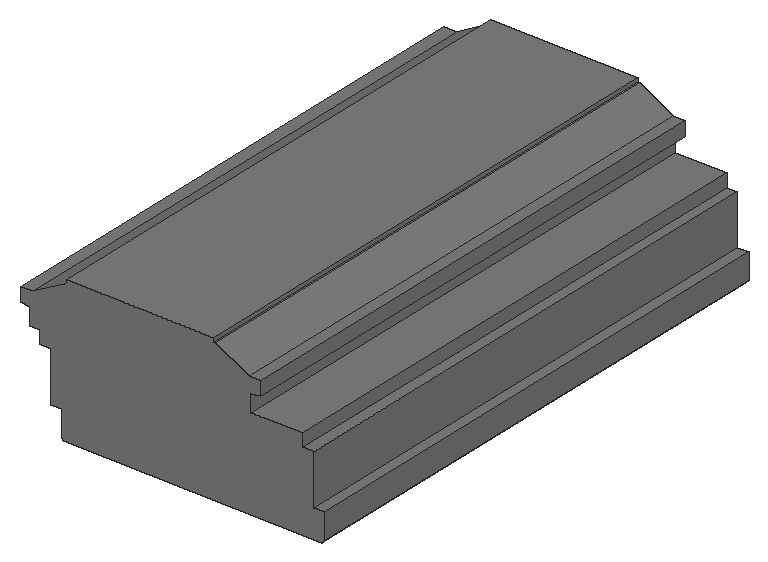
Revit family "HourdiBox PP Néo 150 Up 36 KW-1", category Equipement spécialisé, Revit 2016
Family settings
  Basée sur le plan de construction = Non
  Toujours verticalement = Oui
  Couper avec des vides une fois chargée = Non
  Partagée = Non
  Point de calcul de pièce = Non
Parameters (values of type "HourdiBox PP 150 Up 36")
  Up - SEAC GF 110 - SEAC GF 120 - SEAC GF 930 - SEAC GF 940 = 0.3400 W/(m·K)  # constant formula
  Up - RECTOR NR 130 = 0.3400 W/(m·K)  # constant formula
  Up - RECTOR NR 110 = 0.3300 W/(m·K)  # constant formula
  Up - LB7 - Série 1 = 0.3300 W/(m·K)  # constant formula
  Up - LB 7 - Série 2 = 0.3400 W/(m·K)  # constant formula
  Up - KP1 Leader 130 - KP1 Leader 140 = 0.3400 W/(m·K)  # constant formula
  Up - KP1 Leader 110 - KP1 Leader 115S - KP1 Leader x 110 = 0.3300 W/(m·K)  # constant formula
  Up - DURANDAL DF 110 - DURANDAL DF 130 - DURANDAL DF 140 = 0.3300 W/(m·K)  # constant formula
  URL = "http://www.isobox-isolation.fr/"
  Rp - SEAC GF 110 - SEAC GF 120 - SEAC GF 930 - SEAC GF 940 = 2.6000 (m²·K)/W  # constant formula
  Rp - RECTOR NR 110 = 2.6000 (m²·K)/W  # constant formula
  Rp - RECTOR NR 130 = 2.5500 (m²·K)/W  # constant formula
  Keynote = ""
  Model = "Entrevous 120 - UP 14 "  # constant formula
  Matériaux = Isolant PSE Entrevous
  Longueur = 1200 mm  # constant formula
  Largeur coupure 02 (base 10cm = 0) (par défaut) [instance] = 100 mm
  Largeur coupure 01 (base 10cm = 0) [instance] = 100 mm
  Longueur coupure (base 10cm = 0) [instance] = 100 mm
  Largeur = 688.5 mm  # constant formula
  Rp - LB7 - Série 1 = 2.6000 (m²·K)/W  # constant formula
  Rp - LB 7 - Série 2 = 2.6000 (m²·K)/W  # constant formula
  Rp - KP1 Leader 130 - KP1 Leader 140 = 2.6000 (m²·K)/W  # constant formula
  Rp - KP1 Leader 110 - KP1 Leader 115S - KP1 Leader x 110 = 2.6500 (m²·K)/W  # constant formula
  Fabricant = "Isobox"  # constant formula
  Epaisseur de languette = 45 mm  # constant formula
  Description = ""
  Rp - DURANDAL DF 110 - DURANDAL DF 130 - DURANDAL DF 140 = 2.6000 (m²·K)/W  # constant formula
  Coût = 0  # constant formula
Reference planes
  plane 1 "Centre (avant/arrière)": y = 0
  plane 2: z = 0
  plane 3 "Centre (gauche/droite)": x = 0
Forms (mm)
  Extrusion 1, solid, material "Isolant PSE Entrevous" <- "Matériaux"
    sketch origin (0, 0, 0) x (1, 0, 0) y (0, 0, 1)
      loop
        line (105.383, 0) -> (105.383, -9) -> (100.383, -9) -> (27.542, -50.647) -> (0, -50.647) -> (0, -82.012) -> (21.945, -84.319) -> (21.945, -122.995) -> (45, -122.995) -> (45, -152) -> (68.5, -152) -> (68.5, -266) -> (93.5, -266) -> (93.5, -325) -> (98.5, -330) -> (683.5, -330) -> (688.5, -325) -> (688.5, -266) -> (663.5, -266) -> (663.5, -152) -> (640, -152) -> (640, -123) -> (522.055, -123) -> (522.055, -84.319) -> (544, -82.012) -> (544, -50.647) -> (516.458, -50.647) -> (443.618, -9) -> (438.618, -9) -> (438.618, 0) -> (105.383, 0)
    from 0 to 1200
  Extrusion 2, void
    sketch origin (0, 0, 0) x (1, 0, 0) y (0, 1, 0)
      loop
        line (788.5, 0) -> (688.5, 0) -> (688.5, -1200) -> (788.5, -1200) -> (788.5, 0)
    from -330 to 0
  Extrusion 3, void
    sketch origin (0, 0, 0) x (1, 0, 0) y (0, 1, 0)
      loop
        line (0, -1200) -> (0, -1300) -> (688.5, -1300) -> (688.5, -1200) -> (0, -1200)
    from 0 to -330
  Extrusion 4, void
    sketch origin (-788.5, 0, 0) x (1, 0, 0) y (0, 1, 0)
      loop
        line (788.5, 0) -> (688.5, 0) -> (688.5, -1200) -> (788.5, -1200) -> (788.5, 0)
    from -330 to 0
Cuts and joins
  Extrusion 2, Extrusion 3, Extrusion 4 cuts Extrusion 1
Lines and regions (mm)
  reference lines
    curve 1: line (788.5, 160, 0) -> (788.5, -1440, 0)
    curve 2: line (-100, 0, 0) -> (-100, -1540, 0)
    curve 3: line (0, -1300, 0) -> (1520, -1300, 0)
Dimensions and locks
  locked: Extrusion 1 to Extrusion 1 at 688.5
  locked: Extrusion 1 to Extrusion 1 at 1200
  locked: Extrusion 1 to Extrusion 1 at 143
  "Largeur coupure 01 (base 10cm = 0)": Extrusion 2 to Extrusion 2
  locked: Extrusion 3 to Extrusion 3 at 688.5
  "Longueur coupure (base 10cm = 0)": Extrusion 3 to Extrusion 3
  "Largeur coupure 02 (base 10cm = 0) (par défaut)": Extrusion 4 to Extrusion 4
  cut or joined group of Extrusion 1, Extrusion 2, Extrusion 3, Extrusion 4 to cut or joined group of Extrusion 1, Extrusion 2, Extrusion 3, Extrusion 4 = 330 mm
  aligned and locked: level to plane 2
  aligned and locked: Extrusion 2 to curve 1
  aligned and locked: Extrusion 4 to curve 2
  aligned and locked: Extrusion 3 to curve 3
Automatic sketch dimensions
  Extrusion 1 sketch curve to plane 3 "Centre (gauche/droite)" = 0 mm
  Extrusion 1 sketch curve to level = 0 mm
  plane 3 "Centre (gauche/droite)" to Extrusion 1 sketch curve = 21.945 mm
  plane 3 "Centre (gauche/droite)" to Extrusion 1 sketch curve = 27.542 mm
  Extrusion 1 sketch curve to Extrusion 1 sketch curve = 23.055 mm
  plane 3 "Centre (gauche/droite)" to Extrusion 1 sketch curve = 68.5 mm
  Extrusion 1 sketch curve to Extrusion 1 sketch curve = 25 mm
  Extrusion 1 sketch curve to Extrusion 1 sketch curve = 5 mm  (x5)
  Extrusion 1 sketch curve to level = 9 mm  (x2)
  Extrusion 1 sketch curve to Extrusion 1 sketch curve = 72.84 mm  (x2)
  Extrusion 1 sketch curve to Extrusion 1 sketch curve = 333.235 mm
  Extrusion 1 sketch curve to Extrusion 1 sketch curve = 5.597 mm
  Extrusion 1 sketch curve to level = 82.012 mm
  Extrusion 1 sketch curve to Extrusion 1 sketch curve = 21.945 mm
  Extrusion 1 sketch curve to Extrusion 1 sketch curve = 96 mm
  Extrusion 1 sketch curve to Extrusion 1 sketch curve = 23.5 mm
  Extrusion 1 sketch curve to level = 330 mm
  Extrusion 1 sketch curve to Extrusion 1 sketch curve = 20 mm
  Extrusion 1 sketch curve to level = 325 mm
  Extrusion 1 sketch curve to Extrusion 1 sketch curve = 59 mm  (x2)
  Extrusion 1 sketch curve to Extrusion 1 sketch curve = 114 mm  (x2)
  Extrusion 1 sketch curve to Extrusion 1 sketch curve = 29 mm
  Extrusion 1 sketch curve to Extrusion 1 sketch curve = 29.005 mm
  Extrusion 1 sketch curve to Extrusion 1 sketch curve = 38.676 mm
  Extrusion 1 sketch curve to Extrusion 1 sketch curve = 2.307 mm  (x2)
  Extrusion 1 sketch curve to Extrusion 1 sketch curve = 33.672 mm  (x2)
  plane 1 "Centre (avant/arrière)" to Extrusion 2 sketch curve = 0 mm
  plane 3 "Centre (gauche/droite)" to Extrusion 2 sketch curve = 688.5 mm
  Extrusion 2 sketch curve to Extrusion 2 sketch curve = 100 mm
  plane 1 "Centre (avant/arrière)" to Extrusion 2 sketch curve = 1200 mm
  Extrusion 3 sketch curve to plane 3 "Centre (gauche/droite)" = 0 mm
  plane 3 "Centre (gauche/droite)" to Extrusion 3 sketch curve = 688.5 mm
  plane 1 "Centre (avant/arrière)" to Extrusion 3 sketch curve = 1300 mm
  Extrusion 3 sketch curve to Extrusion 3 sketch curve = 100 mm
  plane 1 "Centre (avant/arrière)" to Extrusion 4 sketch curve = 0 mm
  Extrusion 4 sketch curve to plane 3 "Centre (gauche/droite)" = 0 mm
  Extrusion 4 sketch curve to plane 3 "Centre (gauche/droite)" = 100 mm
  plane 1 "Centre (avant/arrière)" to Extrusion 4 sketch curve = 1200 mm
  plane 1 "Centre (avant/arrière)" to curve 2 = 0 mm
  curve 3 to plane 3 "Centre (gauche/droite)" = 0 mm
  curve 2 to plane 3 "Centre (gauche/droite)" = 100 mm
  plane 3 "Centre (gauche/droite)" to curve 1 = 788.5 mm
  curve 1 to curve 3 = 731.5 mm
  plane 1 "Centre (avant/arrière)" to curve 3 = 1300 mm
  curve 1 to curve 3 = 140 mm
  curve 2 to curve 3 = 240 mm
  curve 1 to plane 1 "Centre (avant/arrière)" = 160 mm
